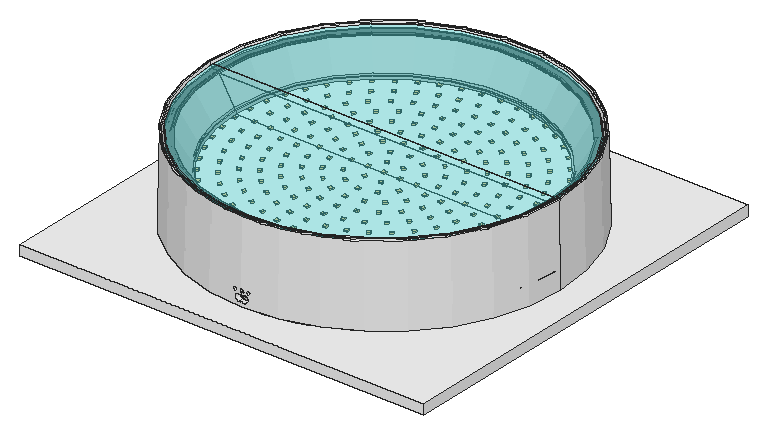
Revit family "BE_24649_de_DE", category Leuchten, Revit 2020 (continued)
Definition of nested family "BE_24649"
  Forms (mm)
    Extrusion 168, solid, material <- "Material_15"
      sketch origin (0, 0, 0) x (0.987689, 0.156429, 0) y (-0.156429, 0.987689, 0)
        loop
          line (-1.6, 113.4) -> (-1.6, 110.6) -> (1.6, 110.6) -> (1.6, 113.4) -> (-1.6, 113.4)
      from 45.014 to 47.244
    Extrusion 169, solid, material <- "Material_15"
      sketch origin (0, 0, 0) x (1, 0, 0) y (0, 1, 0)
        loop
          line (-129.4, -1.6) -> (-126.6, -1.6) -> (-126.6, 1.6) -> (-129.4, 1.6) -> (-129.4, -1.6)
      from 45.014 to 47.314
    Extrusion 170, solid, material <- "Material_15"
      sketch origin (0, 0, 0) x (0.990686, -0.136167, 0) y (0.136167, 0.990686, 0)
        loop
          line (-129.4, -1.6) -> (-126.6, -1.6) -> (-126.6, 1.6) -> (-129.4, 1.6) -> (-129.4, -1.6)
      from 45.014 to 47.314
    Extrusion 171, solid, material <- "Material_15"
      sketch origin (0, 0, 0) x (0.962917, -0.269797, 0) y (0.269797, 0.962917, 0)
        loop
          line (-129.4, -1.6) -> (-126.6, -1.6) -> (-126.6, 1.6) -> (-129.4, 1.6) -> (-129.4, -1.6)
      from 45.014 to 47.314
    Extrusion 172, solid, material <- "Material_15"
      sketch origin (0, 0, 0) x (0.917211, -0.398401, 0) y (0.398401, 0.917211, 0)
        loop
          line (-129.4, -1.6) -> (-126.6, -1.6) -> (-126.6, 1.6) -> (-129.4, 1.6) -> (-129.4, -1.6)
      from 45.014 to 47.314
    Extrusion 173, solid, material <- "Material_15"
      sketch origin (0, 0, 0) x (0.854419, -0.519584, 0) y (0.519584, 0.854419, 0)
        loop
          line (-129.4, -1.6) -> (-126.6, -1.6) -> (-126.6, 1.6) -> (-129.4, 1.6) -> (-129.4, -1.6)
      from 45.014 to 47.314
    Extrusion 174, solid, material <- "Material_15"
      sketch origin (0, 0, 0) x (0.775711, -0.631088, 0) y (0.631088, 0.775711, 0)
        loop
          line (-129.4, -1.6) -> (-126.6, -1.6) -> (-126.6, 1.6) -> (-129.4, 1.6) -> (-129.4, -1.6)
      from 45.014 to 47.314
    Extrusion 175, solid, material <- "Material_15"
      sketch origin (0, 0, 0) x (0.682553, -0.730836, 0) y (0.730836, 0.682553, 0)
        loop
          line (-129.4, -1.6) -> (-126.6, -1.6) -> (-126.6, 1.6) -> (-129.4, 1.6) -> (-129.4, -1.6)
      from 45.014 to 47.314
    Extrusion 176, solid, material <- "Material_15"
      sketch origin (0, 0, 0) x (0.57668, -0.81697, 0) y (0.81697, 0.57668, 0)
        loop
          line (-129.4, -1.6) -> (-126.6, -1.6) -> (-126.6, 1.6) -> (-129.4, 1.6) -> (-129.4, -1.6)
      from 45.014 to 47.314
    Extrusion 177, solid, material <- "Material_15"
      sketch origin (0, 0, 0) x (0.460065, -0.887885, 0) y (0.887885, 0.460065, 0)
        loop
          line (-129.4, -1.6) -> (-126.6, -1.6) -> (-126.6, 1.6) -> (-129.4, 1.6) -> (-129.4, -1.6)
      from 45.014 to 47.314
    Extrusion 178, solid, material <- "Material_15"
      sketch origin (0, 0, 0) x (0.33488, -0.942261, 0) y (0.942261, 0.33488, 0)
        loop
          line (-129.4, -1.6) -> (-126.6, -1.6) -> (-126.6, 1.6) -> (-129.4, 1.6) -> (-129.4, -1.6)
      from 45.014 to 47.314
    Extrusion 179, solid, material <- "Material_15"
      sketch origin (0, 0, 0) x (0.203456, -0.979084, 0) y (0.979084, 0.203456, 0)
        loop
          line (-129.4, -1.6) -> (-126.6, -1.6) -> (-126.6, 1.6) -> (-129.4, 1.6) -> (-129.4, -1.6)
      from 45.014 to 47.314
    Extrusion 180, solid, material <- "Material_15"
      sketch origin (0, 0, 0) x (0.068243, -0.997669, 0) y (0.997669, 0.068243, 0)
        loop
          line (-129.4, -1.6) -> (-126.6, -1.6) -> (-126.6, 1.6) -> (-129.4, 1.6) -> (-129.4, -1.6)
      from 45.014 to 47.314
    Extrusion 181, solid, material <- "Material_15"
      sketch origin (0, 0, 0) x (-0.068242, -0.997669, 0) y (0.997669, -0.068242, 0)
        loop
          line (-129.4, -1.6) -> (-126.6, -1.6) -> (-126.6, 1.6) -> (-129.4, 1.6) -> (-129.4, -1.6)
      from 45.014 to 47.314
    Extrusion 182, solid, material <- "Material_15"
      sketch origin (0, 0, 0) x (-0.203456, -0.979084, 0) y (0.979084, -0.203456, 0)
        loop
          line (-129.4, -1.6) -> (-126.6, -1.6) -> (-126.6, 1.6) -> (-129.4, 1.6) -> (-129.4, -1.6)
      from 45.014 to 47.314
    Extrusion 183, solid, material <- "Material_15"
      sketch origin (0, 0, 0) x (-0.334879, -0.942261, 0) y (0.942261, -0.334879, 0)
        loop
          line (-129.4, -1.6) -> (-126.6, -1.6) -> (-126.6, 1.6) -> (-129.4, 1.6) -> (-129.4, -1.6)
      from 45.014 to 47.314
    Extrusion 184, solid, material <- "Material_15"
      sketch origin (0, 0, 0) x (-0.460065, -0.887885, 0) y (0.887885, -0.460065, 0)
        loop
          line (-129.4, -1.6) -> (-126.6, -1.6) -> (-126.6, 1.6) -> (-129.4, 1.6) -> (-129.4, -1.6)
      from 45.014 to 47.314
    Extrusion 185, solid, material <- "Material_15"
      sketch origin (0, 0, 0) x (-0.57668, -0.81697, 0) y (0.81697, -0.57668, 0)
        loop
          line (-129.4, -1.6) -> (-126.6, -1.6) -> (-126.6, 1.6) -> (-129.4, 1.6) -> (-129.4, -1.6)
      from 45.014 to 47.314
    Extrusion 186, solid, material <- "Material_15"
      sketch origin (0, 0, 0) x (-0.682553, -0.730836, 0) y (0.730836, -0.682553, 0)
        loop
          line (-129.4, -1.6) -> (-126.6, -1.6) -> (-126.6, 1.6) -> (-129.4, 1.6) -> (-129.4, -1.6)
      from 45.014 to 47.314
    Extrusion 187, solid, material <- "Material_15"
      sketch origin (0, 0, 0) x (-0.775711, -0.631088, 0) y (0.631088, -0.775711, 0)
        loop
          line (-129.4, -1.6) -> (-126.6, -1.6) -> (-126.6, 1.6) -> (-129.4, 1.6) -> (-129.4, -1.6)
      from 45.014 to 47.314
    Extrusion 188, solid, material <- "Material_15"
      sketch origin (0, 0, 0) x (-0.854419, -0.519584, 0) y (0.519584, -0.854419, 0)
        loop
          line (-129.4, -1.6) -> (-126.6, -1.6) -> (-126.6, 1.6) -> (-129.4, 1.6) -> (-129.4, -1.6)
      from 45.014 to 47.314
    Extrusion 189, solid, material <- "Material_15"
      sketch origin (0, 0, 0) x (-0.917211, -0.398402, 0) y (0.398402, -0.917211, 0)
        loop
          line (-129.4, -1.6) -> (-126.6, -1.6) -> (-126.6, 1.6) -> (-129.4, 1.6) -> (-129.4, -1.6)
      from 45.014 to 47.314
    Extrusion 190, solid, material <- "Material_15"
      sketch origin (0, 0, 0) x (-0.962917, -0.269797, 0) y (0.269797, -0.962917, 0)
        loop
          line (-129.4, -1.6) -> (-126.6, -1.6) -> (-126.6, 1.6) -> (-129.4, 1.6) -> (-129.4, -1.6)
      from 45.014 to 47.314
    Extrusion 191, solid, material <- "Material_15"
      sketch origin (0, 0, 0) x (-0.990686, -0.136167, 0) y (0.136167, -0.990686, 0)
        loop
          line (-129.4, -1.6) -> (-126.6, -1.6) -> (-126.6, 1.6) -> (-129.4, 1.6) -> (-129.4, -1.6)
      from 45.014 to 47.314
    Extrusion 192, solid, material <- "Material_15"
      sketch origin (0, 0, 0) x (-1, -0.000001, 0) y (0.000001, -1, 0)
        loop
          line (-129.4, -1.6) -> (-126.6, -1.6) -> (-126.6, 1.6) -> (-129.4, 1.6) -> (-129.4, -1.6)
      from 45.014 to 47.314
    Extrusion 193, solid, material <- "Material_15"
      sketch origin (0, 0, 0) x (-0.990686, 0.136166, 0) y (-0.136166, -0.990686, 0)
        loop
          line (-129.4, -1.6) -> (-126.6, -1.6) -> (-126.6, 1.6) -> (-129.4, 1.6) -> (-129.4, -1.6)
      from 45.014 to 47.314
    Extrusion 194, solid, material <- "Material_15"
      sketch origin (0, 0, 0) x (-0.962917, 0.269796, 0) y (-0.269796, -0.962917, 0)
        loop
          line (-129.4, -1.6) -> (-126.6, -1.6) -> (-126.6, 1.6) -> (-129.4, 1.6) -> (-129.4, -1.6)
      from 45.014 to 47.314
    Extrusion 195, solid, material <- "Material_15"
      sketch origin (0, 0, 0) x (-0.917212, 0.3984, 0) y (-0.3984, -0.917212, 0)
        loop
          line (-129.4, -1.6) -> (-126.6, -1.6) -> (-126.6, 1.6) -> (-129.4, 1.6) -> (-129.4, -1.6)
      from 45.014 to 47.314
    Extrusion 196, solid, material <- "Material_15"
      sketch origin (0, 0, 0) x (-0.85442, 0.519583, 0) y (-0.519583, -0.85442, 0)
        loop
          line (-129.4, -1.6) -> (-126.6, -1.6) -> (-126.6, 1.6) -> (-129.4, 1.6) -> (-129.4, -1.6)
      from 45.014 to 47.314
    Extrusion 197, solid, material <- "Material_15"
      sketch origin (0, 0, 0) x (-0.775712, 0.631087, 0) y (-0.631087, -0.775712, 0)
        loop
          line (-129.4, -1.6) -> (-126.6, -1.6) -> (-126.6, 1.6) -> (-129.4, 1.6) -> (-129.4, -1.6)
      from 45.014 to 47.314
    Extrusion 198, solid, material <- "Material_15"
      sketch origin (0, 0, 0) x (-0.682554, 0.730835, 0) y (-0.730835, -0.682554, 0)
        loop
          line (-129.4, -1.6) -> (-126.6, -1.6) -> (-126.6, 1.6) -> (-129.4, 1.6) -> (-129.4, -1.6)
      from 45.014 to 47.314
    Extrusion 199, solid, material <- "Material_15"
      sketch origin (0, 0, 0) x (-0.576681, 0.816969, 0) y (-0.816969, -0.576681, 0)
        loop
          line (-129.4, -1.6) -> (-126.6, -1.6) -> (-126.6, 1.6) -> (-129.4, 1.6) -> (-129.4, -1.6)
      from 45.014 to 47.314
    Extrusion 200, solid, material <- "Material_15"
      sketch origin (0, 0, 0) x (-0.460066, 0.887885, 0) y (-0.887885, -0.460066, 0)
        loop
          line (-129.4, -1.6) -> (-126.6, -1.6) -> (-126.6, 1.6) -> (-129.4, 1.6) -> (-129.4, -1.6)
      from 45.014 to 47.314
    Extrusion 201, solid, material <- "Material_15"
      sketch origin (0, 0, 0) x (-0.33488, 0.942261, 0) y (-0.942261, -0.33488, 0)
        loop
          line (-129.4, -1.6) -> (-126.6, -1.6) -> (-126.6, 1.6) -> (-129.4, 1.6) -> (-129.4, -1.6)
      from 45.014 to 47.314
    Extrusion 202, solid, material <- "Material_15"
      sketch origin (0, 0, 0) x (-0.203457, 0.979084, 0) y (-0.979084, -0.203457, 0)
        loop
          line (-129.4, -1.6) -> (-126.6, -1.6) -> (-126.6, 1.6) -> (-129.4, 1.6) -> (-129.4, -1.6)
      from 45.014 to 47.314
    Extrusion 203, solid, material <- "Material_15"
      sketch origin (0, 0, 0) x (-0.068243, 0.997669, 0) y (-0.997669, -0.068243, 0)
        loop
          line (-129.4, -1.6) -> (-126.6, -1.6) -> (-126.6, 1.6) -> (-129.4, 1.6) -> (-129.4, -1.6)
      from 45.014 to 47.314
    Extrusion 204, solid, material <- "Material_15"
      sketch origin (0, 0, 0) x (0.068242, 0.997669, 0) y (-0.997669, 0.068242, 0)
        loop
          line (-129.4, -1.6) -> (-126.6, -1.6) -> (-126.6, 1.6) -> (-129.4, 1.6) -> (-129.4, -1.6)
      from 45.014 to 47.314
    Extrusion 205, solid, material <- "Material_15"
      sketch origin (0, 0, 0) x (0.203455, 0.979084, 0) y (-0.979084, 0.203455, 0)
        loop
          line (-129.4, -1.6) -> (-126.6, -1.6) -> (-126.6, 1.6) -> (-129.4, 1.6) -> (-129.4, -1.6)
      from 45.014 to 47.314
    Extrusion 206, solid, material <- "Material_15"
      sketch origin (0, 0, 0) x (0.334879, 0.942261, 0) y (-0.942261, 0.334879, 0)
        loop
          line (-129.4, -1.6) -> (-126.6, -1.6) -> (-126.6, 1.6) -> (-129.4, 1.6) -> (-129.4, -1.6)
      from 45.014 to 47.314
    Extrusion 207, solid, material <- "Material_15"
      sketch origin (0, 0, 0) x (0.460064, 0.887886, 0) y (-0.887886, 0.460064, 0)
        loop
          line (-129.4, -1.6) -> (-126.6, -1.6) -> (-126.6, 1.6) -> (-129.4, 1.6) -> (-129.4, -1.6)
      from 45.014 to 47.314
    Extrusion 208, solid, material <- "Material_15"
      sketch origin (0, 0, 0) x (0.57668, 0.81697, 0) y (-0.81697, 0.57668, 0)
        loop
          line (-129.4, -1.6) -> (-126.6, -1.6) -> (-126.6, 1.6) -> (-129.4, 1.6) -> (-129.4, -1.6)
      from 45.014 to 47.314
    Extrusion 209, solid, material <- "Material_15"
      sketch origin (0, 0, 0) x (0.682552, 0.730837, 0) y (-0.730837, 0.682552, 0)
        loop
          line (-129.4, -1.6) -> (-126.6, -1.6) -> (-126.6, 1.6) -> (-129.4, 1.6) -> (-129.4, -1.6)
      from 45.014 to 47.314
    Extrusion 210, solid, material <- "Material_15"
      sketch origin (0, 0, 0) x (0.775711, 0.631089, 0) y (-0.631089, 0.775711, 0)
        loop
          line (-129.4, -1.6) -> (-126.6, -1.6) -> (-126.6, 1.6) -> (-129.4, 1.6) -> (-129.4, -1.6)
      from 45.014 to 47.314
    Extrusion 211, solid, material <- "Material_15"
      sketch origin (0, 0, 0) x (0.854419, 0.519585, 0) y (-0.519585, 0.854419, 0)
        loop
          line (-129.4, -1.6) -> (-126.6, -1.6) -> (-126.6, 1.6) -> (-129.4, 1.6) -> (-129.4, -1.6)
      from 45.014 to 47.314
    Extrusion 212, solid, material <- "Material_15"
      sketch origin (0, 0, 0) x (0.917211, 0.398402, 0) y (-0.398402, 0.917211, 0)
        loop
          line (-129.4, -1.6) -> (-126.6, -1.6) -> (-126.6, 1.6) -> (-129.4, 1.6) -> (-129.4, -1.6)
      from 45.014 to 47.314
    Extrusion 213, solid, material <- "Material_15"
      sketch origin (0, 0, 0) x (0.962917, 0.269798, 0) y (-0.269798, 0.962917, 0)
        loop
          line (-129.4, -1.6) -> (-126.6, -1.6) -> (-126.6, 1.6) -> (-129.4, 1.6) -> (-129.4, -1.6)
      from 45.014 to 47.314
    Extrusion 214, solid, material <- "Material_15"
      sketch origin (0, 0, 0) x (0.990686, 0.136168, 0) y (-0.136168, 0.990686, 0)
        loop
          line (-129.4, -1.6) -> (-126.6, -1.6) -> (-126.6, 1.6) -> (-129.4, 1.6) -> (-129.4, -1.6)
      from 45.014 to 47.314
    Extrusion 215, solid, material <- "Material_15"
      sketch origin (0, 0, 0) x (1, 0, 0) y (0, 1, 0)
        loop
          line (-1.6, 145.4) -> (-1.6, 142.6) -> (1.6, 142.6) -> (1.6, 145.4) -> (-1.6, 145.4)
      from 45.014 to 47.314
    Extrusion 216, solid, material <- "Material_15"
      sketch origin (0, 0, 0) x (0.992421, -0.122888, 0) y (0.122888, 0.992421, 0)
        loop
          line (-1.6, 145.4) -> (-1.6, 142.6) -> (1.6, 142.6) -> (1.6, 145.4) -> (-1.6, 145.4)
      from 45.014 to 47.314
    Extrusion 217, solid, material <- "Material_15"
      sketch origin (0, 0, 0) x (0.969797, -0.243914, 0) y (0.243914, 0.969797, 0)
        loop
          line (-1.6, 145.4) -> (-1.6, 142.6) -> (1.6, 142.6) -> (1.6, 145.4) -> (-1.6, 145.4)
      from 45.014 to 47.314
    Extrusion 218, solid, material <- "Material_15"
      sketch origin (0, 0, 0) x (0.932472, -0.361242, 0) y (0.361242, 0.932472, 0)
        loop
          line (-1.6, 145.4) -> (-1.6, 142.6) -> (1.6, 142.6) -> (1.6, 145.4) -> (-1.6, 145.4)
      from 45.014 to 47.314
    Extrusion 219, solid, material <- "Material_15"
      sketch origin (0, 0, 0) x (0.881012, -0.473093, 0) y (0.473093, 0.881012, 0)
        loop
          line (-1.6, 145.4) -> (-1.6, 142.6) -> (1.6, 142.6) -> (1.6, 145.4) -> (-1.6, 145.4)
      from 45.014 to 47.314
    Extrusion 220, solid, material <- "Material_15"
      sketch origin (0, 0, 0) x (0.816197, -0.577774, 0) y (0.577774, 0.816197, 0)
        loop
          line (-1.6, 145.4) -> (-1.6, 142.6) -> (1.6, 142.6) -> (1.6, 145.4) -> (-1.6, 145.4)
      from 45.014 to 47.314
    Extrusion 221, solid, material <- "Material_15"
      sketch origin (0, 0, 0) x (0.739009, -0.673695, 0) y (0.673695, 0.739009, 0)
        loop
          line (-1.6, 145.4) -> (-1.6, 142.6) -> (1.6, 142.6) -> (1.6, 145.4) -> (-1.6, 145.4)
      from 45.014 to 47.314
    Extrusion 222, solid, material <- "Material_15"
      sketch origin (0, 0, 0) x (0.650619, -0.759405, 0) y (0.759405, 0.650619, 0)
        loop
          line (-1.6, 145.4) -> (-1.6, 142.6) -> (1.6, 142.6) -> (1.6, 145.4) -> (-1.6, 145.4)
      from 45.014 to 47.314
    Extrusion 223, solid, material <- "Material_15"
      sketch origin (0, 0, 0) x (0.552365, -0.833602, 0) y (0.833602, 0.552365, 0)
        loop
          line (-1.6, 145.4) -> (-1.6, 142.6) -> (1.6, 142.6) -> (1.6, 145.4) -> (-1.6, 145.4)
      from 45.014 to 47.314
    Extrusion 224, solid, material <- "Material_15"
      sketch origin (0, 0, 0) x (0.445739, -0.895163, 0) y (0.895163, 0.445739, 0)
        loop
          line (-1.6, 145.4) -> (-1.6, 142.6) -> (1.6, 142.6) -> (1.6, 145.4) -> (-1.6, 145.4)
      from 45.014 to 47.314
    Extrusion 225, solid, material <- "Material_15"
      sketch origin (0, 0, 0) x (0.332355, -0.943154, 0) y (0.943154, 0.332355, 0)
        loop
          line (-1.6, 145.4) -> (-1.6, 142.6) -> (1.6, 142.6) -> (1.6, 145.4) -> (-1.6, 145.4)
      from 45.014 to 47.314
    Extrusion 226, solid, material <- "Material_15"
      sketch origin (0, 0, 0) x (0.213934, -0.976848, 0) y (0.976848, 0.213934, 0)
        loop
          line (-1.6, 145.4) -> (-1.6, 142.6) -> (1.6, 142.6) -> (1.6, 145.4) -> (-1.6, 145.4)
      from 45.014 to 47.314
    Extrusion 227, solid, material <- "Material_15"
      sketch origin (0, 0, 0) x (0.092269, -0.995734, 0) y (0.995734, 0.092269, 0)
        loop
          line (-1.6, 145.4) -> (-1.6, 142.6) -> (1.6, 142.6) -> (1.6, 145.4) -> (-1.6, 145.4)
      from 45.014 to 47.314
    Extrusion 228, solid, material <- "Material_15"
      sketch origin (0, 0, 0) x (-0.030794, -0.999526, 0) y (0.999526, -0.030794, 0)
        loop
          line (-1.6, 145.4) -> (-1.6, 142.6) -> (1.6, 142.6) -> (1.6, 145.4) -> (-1.6, 145.4)
      from 45.014 to 47.314
    Extrusion 229, solid, material <- "Material_15"
      sketch origin (0, 0, 0) x (-0.153391, -0.988166, 0) y (0.988166, -0.153391, 0)
        loop
          line (-1.6, 145.4) -> (-1.6, 142.6) -> (1.6, 142.6) -> (1.6, 145.4) -> (-1.6, 145.4)
      from 45.014 to 47.314
    Extrusion 230, solid, material <- "Material_15"
      sketch origin (0, 0, 0) x (-0.273662, -0.961826, 0) y (0.961826, -0.273662, 0)
        loop
          line (-1.6, 145.4) -> (-1.6, 142.6) -> (1.6, 142.6) -> (1.6, 145.4) -> (-1.6, 145.4)
      from 45.014 to 47.314
    Extrusion 231, solid, material <- "Material_15"
      sketch origin (0, 0, 0) x (-0.389785, -0.920906, 0) y (0.920906, -0.389785, 0)
        loop
          line (-1.6, 145.4) -> (-1.6, 142.6) -> (1.6, 142.6) -> (1.6, 145.4) -> (-1.6, 145.4)
      from 45.014 to 47.314
    Extrusion 232, solid, material <- "Material_15"
      sketch origin (0, 0, 0) x (-0.499999, -0.866026, 0) y (0.866026, -0.499999, 0)
        loop
          line (-1.6, 145.4) -> (-1.6, 142.6) -> (1.6, 142.6) -> (1.6, 145.4) -> (-1.6, 145.4)
      from 45.014 to 47.314
    Extrusion 233, solid, material <- "Material_15"
      sketch origin (0, 0, 0) x (-0.602634, -0.798018, 0) y (0.798018, -0.602634, 0)
        loop
          line (-1.6, 145.4) -> (-1.6, 142.6) -> (1.6, 142.6) -> (1.6, 145.4) -> (-1.6, 145.4)
      from 45.014 to 47.314
    Extrusion 234, solid, material <- "Material_15"
      sketch origin (0, 0, 0) x (-0.696133, -0.717913, 0) y (0.717913, -0.696133, 0)
        loop
          line (-1.6, 145.4) -> (-1.6, 142.6) -> (1.6, 142.6) -> (1.6, 145.4) -> (-1.6, 145.4)
      from 45.014 to 47.314
    Extrusion 235, solid, material <- "Material_15"
      sketch origin (0, 0, 0) x (-0.77908, -0.626924, 0) y (0.626924, -0.77908, 0)
        loop
          line (-1.6, 145.4) -> (-1.6, 142.6) -> (1.6, 142.6) -> (1.6, 145.4) -> (-1.6, 145.4)
      from 45.014 to 47.314
    Extrusion 236, solid, material <- "Material_15"
      sketch origin (0, 0, 0) x (-0.850217, -0.526433, 0) y (0.526433, -0.850217, 0)
        loop
          line (-1.6, 145.4) -> (-1.6, 142.6) -> (1.6, 142.6) -> (1.6, 145.4) -> (-1.6, 145.4)
      from 45.014 to 47.314
    Extrusion 237, solid, material <- "Material_15"
      sketch origin (0, 0, 0) x (-0.908465, -0.417961, 0) y (0.417961, -0.908465, 0)
        loop
          line (-1.6, 145.4) -> (-1.6, 142.6) -> (1.6, 142.6) -> (1.6, 145.4) -> (-1.6, 145.4)
      from 45.014 to 47.314
    Extrusion 238, solid, material <- "Material_15"
      sketch origin (0, 0, 0) x (-0.952942, -0.303154, 0) y (0.303154, -0.952942, 0)
        loop
          line (-1.6, 145.4) -> (-1.6, 142.6) -> (1.6, 142.6) -> (1.6, 145.4) -> (-1.6, 145.4)
      from 45.014 to 47.314
    Extrusion 239, solid, material <- "Material_15"
      sketch origin (0, 0, 0) x (-0.982973, -0.183751, 0) y (0.183751, -0.982973, 0)
        loop
          line (-1.6, 145.4) -> (-1.6, 142.6) -> (1.6, 142.6) -> (1.6, 145.4) -> (-1.6, 145.4)
      from 45.014 to 47.314
    Extrusion 240, solid, material <- "Material_15"
      sketch origin (0, 0, 0) x (-0.998103, -0.061562, 0) y (0.061562, -0.998103, 0)
        loop
          line (-1.6, 145.4) -> (-1.6, 142.6) -> (1.6, 142.6) -> (1.6, 145.4) -> (-1.6, 145.4)
      from 45.014 to 47.314
    Extrusion 241, solid, material <- "Material_15"
      sketch origin (0, 0, 0) x (-0.998103, 0.06156, 0) y (-0.06156, -0.998103, 0)
        loop
          line (-1.6, 145.4) -> (-1.6, 142.6) -> (1.6, 142.6) -> (1.6, 145.4) -> (-1.6, 145.4)
      from 45.014 to 47.314
    Extrusion 242, solid, material <- "Material_15"
      sketch origin (0, 0, 0) x (-0.982973, 0.183748, 0) y (-0.183748, -0.982973, 0)
        loop
          line (-1.6, 145.4) -> (-1.6, 142.6) -> (1.6, 142.6) -> (1.6, 145.4) -> (-1.6, 145.4)
      from 45.014 to 47.314
    Extrusion 243, solid, material <- "Material_15"
      sketch origin (0, 0, 0) x (-0.952942, 0.303152, 0) y (-0.303152, -0.952942, 0)
        loop
          line (-1.6, 145.4) -> (-1.6, 142.6) -> (1.6, 142.6) -> (1.6, 145.4) -> (-1.6, 145.4)
      from 45.014 to 47.314
    Extrusion 244, solid, material <- "Material_15"
      sketch origin (0, 0, 0) x (-0.908466, 0.417959, 0) y (-0.417959, -0.908466, 0)
        loop
          line (-1.6, 145.4) -> (-1.6, 142.6) -> (1.6, 142.6) -> (1.6, 145.4) -> (-1.6, 145.4)
      from 45.014 to 47.314
    Extrusion 245, solid, material <- "Material_15"
      sketch origin (0, 0, 0) x (-0.850218, 0.526431, 0) y (-0.526431, -0.850218, 0)
        loop
          line (-1.6, 145.4) -> (-1.6, 142.6) -> (1.6, 142.6) -> (1.6, 145.4) -> (-1.6, 145.4)
      from 45.014 to 47.314
    Extrusion 246, solid, material <- "Material_15"
      sketch origin (0, 0, 0) x (-0.779081, 0.626923, 0) y (-0.626923, -0.779081, 0)
        loop
          line (-1.6, 145.4) -> (-1.6, 142.6) -> (1.6, 142.6) -> (1.6, 145.4) -> (-1.6, 145.4)
      from 45.014 to 47.314
    Extrusion 247, solid, material <- "Material_15"
      sketch origin (0, 0, 0) x (-0.696135, 0.717911, 0) y (-0.717911, -0.696135, 0)
        loop
          line (-1.6, 145.4) -> (-1.6, 142.6) -> (1.6, 142.6) -> (1.6, 145.4) -> (-1.6, 145.4)
      from 45.014 to 47.314
    Extrusion 248, solid, material <- "Material_15"
      sketch origin (0, 0, 0) x (-0.602636, 0.798016, 0) y (-0.798016, -0.602636, 0)
        loop
          line (-1.6, 145.4) -> (-1.6, 142.6) -> (1.6, 142.6) -> (1.6, 145.4) -> (-1.6, 145.4)
      from 45.014 to 47.314
    Extrusion 249, solid, material <- "Material_15"
      sketch origin (0, 0, 0) x (-0.500001, 0.866025, 0) y (-0.866025, -0.500001, 0)
        loop
          line (-1.6, 145.4) -> (-1.6, 142.6) -> (1.6, 142.6) -> (1.6, 145.4) -> (-1.6, 145.4)
      from 45.014 to 47.314
    Extrusion 250, solid, material <- "Material_15"
      sketch origin (0, 0, 0) x (-0.389787, 0.920905, 0) y (-0.920905, -0.389787, 0)
        loop
          line (-1.6, 145.4) -> (-1.6, 142.6) -> (1.6, 142.6) -> (1.6, 145.4) -> (-1.6, 145.4)
      from 45.014 to 47.314
    Extrusion 251, solid, material <- "Material_15"
      sketch origin (0, 0, 0) x (-0.273665, 0.961825, 0) y (-0.961825, -0.273665, 0)
        loop
          line (-1.6, 145.4) -> (-1.6, 142.6) -> (1.6, 142.6) -> (1.6, 145.4) -> (-1.6, 145.4)
      from 45.014 to 47.314
    Extrusion 252, solid, material <- "Material_15"
      sketch origin (0, 0, 0) x (-0.153393, 0.988165, 0) y (-0.988165, -0.153393, 0)
        loop
          line (-1.6, 145.4) -> (-1.6, 142.6) -> (1.6, 142.6) -> (1.6, 145.4) -> (-1.6, 145.4)
      from 45.014 to 47.314
    Extrusion 253, solid, material <- "Material_15"
      sketch origin (0, 0, 0) x (-0.030797, 0.999526, 0) y (-0.999526, -0.030797, 0)
        loop
          line (-1.6, 145.4) -> (-1.6, 142.6) -> (1.6, 142.6) -> (1.6, 145.4) -> (-1.6, 145.4)
      from 45.014 to 47.314
    Extrusion 254, solid, material <- "Material_15"
      sketch origin (0, 0, 0) x (0.092267, 0.995734, 0) y (-0.995734, 0.092267, 0)
        loop
          line (-1.6, 145.4) -> (-1.6, 142.6) -> (1.6, 142.6) -> (1.6, 145.4) -> (-1.6, 145.4)
      from 45.014 to 47.314
    Extrusion 255, solid, material <- "Material_15"
      sketch origin (0, 0, 0) x (0.213931, 0.976849, 0) y (-0.976849, 0.213931, 0)
        loop
          line (-1.6, 145.4) -> (-1.6, 142.6) -> (1.6, 142.6) -> (1.6, 145.4) -> (-1.6, 145.4)
      from 45.014 to 47.314
    Extrusion 256, solid, material <- "Material_15"
      sketch origin (0, 0, 0) x (0.332353, 0.943155, 0) y (-0.943155, 0.332353, 0)
        loop
          line (-1.6, 145.4) -> (-1.6, 142.6) -> (1.6, 142.6) -> (1.6, 145.4) -> (-1.6, 145.4)
      from 45.014 to 47.314
    Extrusion 257, solid, material <- "Material_15"
      sketch origin (0, 0, 0) x (0.445737, 0.895164, 0) y (-0.895164, 0.445737, 0)
        loop
          line (-1.6, 145.4) -> (-1.6, 142.6) -> (1.6, 142.6) -> (1.6, 145.4) -> (-1.6, 145.4)
      from 45.014 to 47.314
    Extrusion 258, solid, material <- "Material_15"
      sketch origin (0, 0, 0) x (0.552363, 0.833603, 0) y (-0.833603, 0.552363, 0)
        loop
          line (-1.6, 145.4) -> (-1.6, 142.6) -> (1.6, 142.6) -> (1.6, 145.4) -> (-1.6, 145.4)
      from 45.014 to 47.314
    Extrusion 259, solid, material <- "Material_15"
      sketch origin (0, 0, 0) x (0.650617, 0.759406, 0) y (-0.759406, 0.650617, 0)
        loop
          line (-1.6, 145.4) -> (-1.6, 142.6) -> (1.6, 142.6) -> (1.6, 145.4) -> (-1.6, 145.4)
      from 45.014 to 47.314
    Extrusion 260, solid, material <- "Material_15"
      sketch origin (0, 0, 0) x (0.739008, 0.673697, 0) y (-0.673697, 0.739008, 0)
        loop
          line (-1.6, 145.4) -> (-1.6, 142.6) -> (1.6, 142.6) -> (1.6, 145.4) -> (-1.6, 145.4)
      from 45.014 to 47.314
    Extrusion 261, solid, material <- "Material_15"
      sketch origin (0, 0, 0) x (0.816196, 0.577775, 0) y (-0.577775, 0.816196, 0)
        loop
          line (-1.6, 145.4) -> (-1.6, 142.6) -> (1.6, 142.6) -> (1.6, 145.4) -> (-1.6, 145.4)
      from 45.014 to 47.314
    Extrusion 262, solid, material <- "Material_15"
      sketch origin (0, 0, 0) x (0.881011, 0.473095, 0) y (-0.473095, 0.881011, 0)
        loop
          line (-1.6, 145.4) -> (-1.6, 142.6) -> (1.6, 142.6) -> (1.6, 145.4) -> (-1.6, 145.4)
      from 45.014 to 47.314
    Extrusion 263, solid, material <- "Material_15"
      sketch origin (0, 0, 0) x (0.932471, 0.361244, 0) y (-0.361244, 0.932471, 0)
        loop
          line (-1.6, 145.4) -> (-1.6, 142.6) -> (1.6, 142.6) -> (1.6, 145.4) -> (-1.6, 145.4)
      from 45.014 to 47.314
    Extrusion 264, solid, material <- "Material_15"
      sketch origin (0, 0, 0) x (0.969796, 0.243916, 0) y (-0.243916, 0.969796, 0)
        loop
          line (-1.6, 145.4) -> (-1.6, 142.6) -> (1.6, 142.6) -> (1.6, 145.4) -> (-1.6, 145.4)
      from 45.014 to 47.314
    Extrusion 265, solid, material <- "Material_15"
      sketch origin (0, 0, 0) x (0.99242, 0.12289, 0) y (-0.12289, 0.99242, 0)
        loop
          line (-1.6, 145.4) -> (-1.6, 142.6) -> (1.6, 142.6) -> (1.6, 145.4) -> (-1.6, 145.4)
      from 45.014 to 47.314
    Revolve 266, solid, material <- "Material_03", visible <- "M_W"
      sketch origin (0, 0, 0) x (1, 0, 0) y (0, 0, 1)
        loop
          line (-174.009, 83.61) -> (-175.396, 4.114) -> (-171.537, 4.114)
          arc (-171.537, 4.114) -> (-171.168, 4.263) -> (-171.006, 4.627) r 0.532
          line (-171.006, 4.627) -> (-170.5, 19.114) -> (-170.5, 20.614) -> (-169.25, 20.614)
          arc (-169.25, 20.614) -> (-168.896, 20.76) -> (-168.75, 21.114) r 0.5
          line (-168.75, 21.114) -> (-168.75, 22.614) -> (-168.5, 30.811) -> (-168.5, 76.914) -> (-165.2, 76.914) -> (-165.259, 78.614) -> (-170.5, 78.614) -> (-170.539, 79.72) -> (-171.981, 83.683)
          arc (-171.981, 83.683) -> (-172.221, 83.996) -> (-172.596, 84.114) r 0.654
          line (-172.596, 84.114) -> (-173.496, 84.114)
          arc (-173.496, 84.114) -> (-173.856, 83.967) -> (-174.009, 83.61) r 0.513
        axis (0, 84.114) -> (0, 4.114)
      angle from 0 to 360
    Revolve 267, solid, material <- "Material_03", visible <- "M_W"
      sketch origin (0, 0, 0) x (1, 0, 0) y (0, 0, 1)
        loop
          line (-169.587, 1) -> (-167.551, 1)
          arc (-167.551, 1) -> (-166.857, 1.28) -> (-166.552, 1.963) r 1
          line (-166.552, 1.963) -> (-166.479, 4.036)
          arc (-166.479, 4.036) -> (-166.174, 4.72) -> (-165.48, 5) r 1
          line (-165.48, 5) -> (0, 5) -> (0, 8) -> (-160.237, 8)
          arc (-160.237, 8) -> (-160.931, 8.28) -> (-161.236, 8.964) r 1
          line (-161.236, 8.964) -> (-161.527, 17.289)
          arc (-161.527, 17.289) -> (-161.673, 17.775) -> (-162.039, 18.127) r 1
          arc (-162.039, 18.127) -> (-162.405, 18.478) -> (-162.551, 18.963) r 1
          line (-162.551, 18.963) -> (-162.693, 23.034)
          arc (-162.693, 23.034) -> (-162.998, 23.719) -> (-163.693, 24) r 1
          line (-163.693, 24) -> (-165.807, 24)
          arc (-165.807, 24) -> (-166.684, 23.481) -> (-166.651, 22.463) r 1
          arc (-166.651, 22.463) -> (-164.359, 19.525) -> (-167.1, 17) r 2.75
          line (-167.1, 17) -> (-169.029, 17) -> (-169.587, 1)
        axis (0, 24) -> (0, 1)
      angle from 0 to 360
    Extrusion 268, solid, material <- "Material_03", visible <- "M_W"
      sketch origin (0, 0, 0) x (1, 0, 0) y (0, 1, 0)
        loop
          circle (-155, 0) r 7.009
        loop
          circle (155, 0) r 7.009
      from 0 to 5
  Cuts and joins
    Extrusion 10 cuts Revolve 3
    Extrusion 10 cuts Revolve 5
    Extrusion 10 cuts Revolve 6
    Extrusion 10 cuts Extrusion 9
    Revolve 11, Revolve 12, Revolve 13, Extrusion 14, Extrusion 16 cuts Revolve 2
    Extrusion 14, Extrusion 16, Extrusion 17 cuts Revolve 4
    Extrusion 16 cuts Extrusion 15
    Revolve 11, Revolve 12, Revolve 13, Extrusion 14 cuts Revolve 266
    Extrusion 17 cuts Revolve 267
    Extrusion 10 cuts Extrusion 268
  Dimensions and locks
    equal spacing: Extrusion 1 sketch curve, plane 3 "Mitte (Links/Rechts)", Extrusion 1 sketch curve
    equal spacing: Extrusion 1 sketch curve, plane 1 "Mitte (Oben/Unten)", Extrusion 1 sketch curve
    "Länge_Platte": Extrusion 1 sketch curve to Extrusion 1 sketch curve
    "Breite_Platte": Extrusion 1 sketch curve to Extrusion 1 sketch curve
    aligned and locked: Extrusion 1 to plane 2
    aligned and locked: level to Extrusion 1
  Automatic sketch dimensions
    Revolve 2 sketch curve to plane 3 "Mitte (Links/Rechts)" = 0 mm
    level to Revolve 2 sketch curve = 76.914 mm
    Revolve 2 sketch curve to plane 3 "Mitte (Links/Rechts)" = 165.2 mm
    Revolve 2 sketch curve to Revolve 2 sketch curve = 0.059 mm
    Revolve 2 sketch curve to Revolve 2 sketch curve = 3.3 mm
    level to Revolve 2 sketch curve = 22.614 mm
    Revolve 2 sketch curve to Revolve 2 sketch curve = 0.25 mm
    Revolve 2 sketch curve to Revolve 2 sketch curve = 0.5 mm
    level to Revolve 2 sketch curve = 19.114 mm
    Revolve 2 sketch curve to Revolve 2 sketch curve = 1.25 mm
    level to Revolve 2 sketch curve = 78.614 mm
    Revolve 2 sketch curve to Revolve 2 sketch curve = 2 mm
    level to Revolve 2 sketch curve = 79.72 mm
    Revolve 2 sketch curve to Revolve 2 sketch curve = 0.039 mm
    level to Revolve 2 sketch curve = 4.627 mm
    Revolve 2 sketch curve to Revolve 2 sketch curve = 0.506 mm
    Revolve 2 sketch curve to Revolve 2 sketch curve = 0.531 mm
    level to Revolve 2 sketch curve = 83.683 mm
    Revolve 2 sketch curve to Revolve 2 sketch curve = 1.443 mm
    Revolve 2 sketch curve to Revolve 2 sketch curve = 0.615 mm
    Revolve 2 sketch curve to Revolve 2 sketch curve = 0.9 mm
    level to Revolve 2 sketch curve = 83.61 mm
    Revolve 2 sketch curve to Revolve 2 sketch curve = 0.513 mm  (x2)
    Revolve 2 sketch curve to Revolve 2 sketch curve = 3.859 mm
    Revolve 2 sketch curve to Revolve 2 sketch curve = 1.5 mm
    Revolve 2 sketch curve to Revolve 2 sketch curve = 8.197 mm
    Revolve 2 sketch curve to Revolve 2 sketch curve = 0.224 mm
    Revolve 2 sketch curve to level = 413.745 mm
    Revolve 2 sketch curve to Revolve 2 sketch curve = 700.754 mm
    Revolve 3 sketch curve to plane 3 "Mitte (Links/Rechts)" = 0 mm  (x2)
    level to Revolve 3 sketch curve = 79.114 mm
    Revolve 3 sketch curve to plane 3 "Mitte (Links/Rechts)" = 164.5 mm
    level to Revolve 3 sketch curve = 83.124 mm
    Revolve 3 sketch curve to Revolve 3 sketch curve = 4.908 mm
    Revolve 3 sketch curve to Revolve 3 sketch curve = 0.592 mm  (x2)
    Revolve 3 sketch curve to Revolve 3 sketch curve = 6.027 mm
    Revolve 3 sketch curve to level = 413.745 mm
    Revolve 3 sketch curve to Revolve 3 sketch curve = 701.744 mm
    Revolve 4 sketch curve to plane 3 "Mitte (Links/Rechts)" = 0 mm  (x2)
    level to Revolve 4 sketch curve = 9 mm
    Revolve 4 sketch curve to plane 3 "Mitte (Links/Rechts)" = 160.237 mm
    level to Revolve 4 sketch curve = 8.964 mm
    Revolve 4 sketch curve to Revolve 4 sketch curve = 0.999 mm  (x6)
    level to Revolve 4 sketch curve = 17.289 mm
    Revolve 4 sketch curve to Revolve 4 sketch curve = 0.291 mm
    Revolve 4 sketch curve to Revolve 4 sketch curve = 0.025 mm
    level to Revolve 4 sketch curve = 18.963 mm
    level to Revolve 4 sketch curve = 23.034 mm
    Revolve 4 sketch curve to Revolve 4 sketch curve = 0.142 mm
    level to Revolve 4 sketch curve = 4 mm
    Revolve 4 sketch curve to Revolve 4 sketch curve = 4.244 mm
    Revolve 4 sketch curve to Revolve 4 sketch curve = 2.115 mm
    level to Revolve 4 sketch curve = 4.036 mm
    level to Revolve 4 sketch curve = 1.963 mm
    Revolve 4 sketch curve to Revolve 4 sketch curve = 0.072 mm
    Revolve 4 sketch curve to Revolve 4 sketch curve = 4.574 mm
    level to Revolve 4 sketch curve = 1 mm
    level to Revolve 4 sketch curve = 17 mm
    Revolve 4 sketch curve to Revolve 4 sketch curve = 1.929 mm
    Revolve 4 sketch curve to Revolve 4 sketch curve = 2.036 mm
    Revolve 4 sketch curve to Revolve 4 sketch curve = 0.036 mm
    Revolve 4 sketch curve to Revolve 4 sketch curve = 0.037 mm
    Revolve 4 sketch curve to Revolve 4 sketch curve = 2.75 mm
    Revolve 4 sketch curve to Revolve 4 sketch curve = 0.034 mm
    Revolve 4 sketch curve to Revolve 4 sketch curve = 1 mm
    Revolve 4 sketch curve to Revolve 4 sketch curve = 0.512 mm
    Revolve 4 sketch curve to Revolve 4 sketch curve = 0 mm
    Revolve 4 sketch curve to level = 413.745 mm
    Revolve 4 sketch curve to Revolve 4 sketch curve = 776.868 mm
    Revolve 5 sketch curve to plane 3 "Mitte (Links/Rechts)" = 0 mm
    level to Revolve 5 sketch curve = 47.314 mm
    Revolve 5 sketch curve to plane 3 "Mitte (Links/Rechts)" = 146.5 mm
    level to Revolve 5 sketch curve = 48.314 mm
    Revolve 5 sketch curve to Revolve 5 sketch curve = 0.75 mm  (x2)
    Revolve 5 sketch curve to Revolve 5 sketch curve = 1.5 mm  (x2)
    Revolve 5 sketch curve to Revolve 5 sketch curve = 5.75 mm
    level to Revolve 5 sketch curve = 77.096 mm
    Revolve 5 sketch curve to Revolve 5 sketch curve = 8.423 mm
    Revolve 5 sketch curve to Revolve 5 sketch curve = 1.164 mm
    Revolve 5 sketch curve to Revolve 5 sketch curve = 1 mm
    Revolve 5 sketch curve to Revolve 5 sketch curve = 1.505 mm
    Revolve 5 sketch curve to Revolve 5 sketch curve = 0.695 mm
    Revolve 5 sketch curve to level = 413.745 mm
    Revolve 5 sketch curve to Revolve 5 sketch curve = 707.771 mm
    Revolve 6 sketch curve to plane 3 "Mitte (Links/Rechts)" = 0 mm  (x2)
    level to Revolve 6 sketch curve = 46.564 mm
    Revolve 6 sketch curve to plane 3 "Mitte (Links/Rechts)" = 156.668 mm
    Revolve 6 sketch curve to Revolve 6 sketch curve = 10.332 mm
    Revolve 6 sketch curve to Revolve 6 sketch curve = 1.55 mm
    Revolve 6 sketch curve to Revolve 6 sketch curve = 3 mm
    Revolve 6 sketch curve to level = 413.745 mm
    Revolve 6 sketch curve to Revolve 6 sketch curve = 738.304 mm
    Revolve 7 sketch curve to Revolve 7 sketch curve = 0 mm  (x11)
    Revolve 7 sketch curve to plane 3 "Mitte (Links/Rechts)" = 0 mm
    level to Revolve 7 sketch curve = 19.879 mm
    Revolve 7 sketch curve to plane 3 "Mitte (Links/Rechts)" = 167.5 mm
    Revolve 7 sketch curve to Revolve 7 sketch curve = 1.25 mm
    Revolve 7 sketch curve to Revolve 7 sketch curve = 0.5 mm
    Revolve 7 sketch curve to Revolve 7 sketch curve = 0.9 mm
    Revolve 7 sketch curve to Revolve 7 sketch curve = 0.734 mm
    Revolve 7 sketch curve to Revolve 7 sketch curve = 1.215 mm
    Revolve 7 sketch curve to level = 413.745 mm
    Revolve 7 sketch curve to Revolve 7 sketch curve = 762.539 mm
    Revolve 8 sketch curve to plane 3 "Mitte (Links/Rechts)" = 0 mm
    level to Revolve 8 sketch curve = 78.309 mm
    Revolve 8 sketch curve to plane 3 "Mitte (Links/Rechts)" = 162.999 mm
    Revolve 8 sketch curve to Revolve 8 sketch curve = 7.001 mm
    Revolve 8 sketch curve to Revolve 8 sketch curve = 0.805 mm
    Revolve 8 sketch curve to level = 413.745 mm
    Revolve 8 sketch curve to Revolve 8 sketch curve = 705.754 mm
    level to Revolve 11 sketch curve = 18.614 mm
    plane 1 "Mitte (Oben/Unten)" to Revolve 11 sketch curve = 177.169 mm
    Revolve 11 sketch curve to Revolve 11 sketch curve = 3.982 mm
    Revolve 11 sketch curve to Revolve 11 sketch curve = 1.5 mm
    Revolve 11 sketch curve to Revolve 11 sketch curve = 0 mm  (x2)
    Revolve 11 sketch curve to Revolve 11 sketch curve = 4.694 mm
    level to Revolve 12 sketch curve = 18.614 mm
    plane 1 "Mitte (Oben/Unten)" to Revolve 12 sketch curve = 177.169 mm
    Revolve 12 sketch curve to Revolve 12 sketch curve = 3.982 mm
    Revolve 12 sketch curve to Revolve 12 sketch curve = 1.5 mm
    Revolve 12 sketch curve to Revolve 12 sketch curve = 0 mm  (x2)
    Revolve 12 sketch curve to Revolve 12 sketch curve = 4.694 mm
    level to Revolve 13 sketch curve = 18.614 mm
    plane 1 "Mitte (Oben/Unten)" to Revolve 13 sketch curve = 177.169 mm
    Revolve 13 sketch curve to Revolve 13 sketch curve = 3.982 mm
    Revolve 13 sketch curve to Revolve 13 sketch curve = 1.5 mm
    Revolve 13 sketch curve to Revolve 13 sketch curve = 0 mm  (x2)
    Revolve 13 sketch curve to Revolve 13 sketch curve = 4.694 mm
    Extrusion 14 sketch curve to plane 3 "Mitte (Links/Rechts)" = 3.25 mm
    plane 3 "Mitte (Links/Rechts)" to Extrusion 14 sketch curve = 3.25 mm
    level to Extrusion 14 sketch curve = 11.864 mm
    Extrusion 14 sketch curve to Extrusion 14 sketch curve = 0 mm
    Extrusion 15 sketch curve to plane 3 "Mitte (Links/Rechts)" = 0 mm
    level to Extrusion 15 sketch curve = 11.864 mm
    Extrusion 16 sketch curve to plane 3 "Mitte (Links/Rechts)" = 0 mm  (x2)
    Extrusion 16 sketch curve to plane 3 "Mitte (Links/Rechts)" = 1.732 mm
    plane 3 "Mitte (Links/Rechts)" to Extrusion 16 sketch curve = 1.732 mm
    level to Extrusion 16 sketch curve = 9.864 mm
    Extrusion 16 sketch curve to Extrusion 16 sketch curve = 1 mm  (x3)
    Extrusion 16 sketch curve to Extrusion 16 sketch curve = 2 mm  (x2)
    Extrusion 17 sketch curve to Extrusion 17 sketch curve = 0 mm  (x2)
    Extrusion 17 sketch curve to plane 3 "Mitte (Links/Rechts)" = 0 mm
    level to Extrusion 17 sketch curve = 11.864 mm
    Extrusion 17 sketch curve to Extrusion 17 sketch curve = 3 mm
    Extrusion 18 sketch curve to plane 3 "Mitte (Links/Rechts)" = 1.6 mm
    Extrusion 18 sketch curve to plane 1 "Mitte (Oben/Unten)" = 1.4 mm
    plane 1 "Mitte (Oben/Unten)" to Extrusion 18 sketch curve = 1.4 mm
    plane 3 "Mitte (Links/Rechts)" to Extrusion 18 sketch curve = 1.6 mm
    Extrusion 19 sketch curve to Extrusion 19 sketch curve = 2.8 mm  (x2)
    Extrusion 19 sketch curve to Extrusion 19 sketch curve = 13.2 mm
    Extrusion 19 sketch curve to Extrusion 19 sketch curve = 2.475 mm
    Extrusion 19 sketch curve to Extrusion 19 sketch curve = 16.486 mm
    Extrusion 19 sketch curve to Extrusion 19 sketch curve = 1.6 mm
    Extrusion 19 sketch curve to Extrusion 19 sketch curve = 2.425 mm  (x2)
    Extrusion 19 sketch curve to Extrusion 19 sketch curve = 2.771 mm
    Extrusion 19 sketch curve to Extrusion 19 sketch curve = 1.4 mm  (x2)
    Extrusion 19 sketch curve to Extrusion 19 sketch curve = 0 mm
    Extrusion 19 sketch curve to Extrusion 19 sketch curve = 3.2 mm  (x2)
    Extrusion 20 sketch curve to Extrusion 20 sketch curve = 2.8 mm  (x2)
    Extrusion 20 sketch curve to Extrusion 20 sketch curve = 13.2 mm
    Extrusion 20 sketch curve to Extrusion 20 sketch curve = 2.475 mm
    Extrusion 20 sketch curve to Extrusion 20 sketch curve = 16.486 mm
    Extrusion 20 sketch curve to Extrusion 20 sketch curve = 1.6 mm
    Extrusion 20 sketch curve to Extrusion 20 sketch curve = 2.425 mm  (x2)
    Extrusion 20 sketch curve to Extrusion 20 sketch curve = 2.771 mm
    Extrusion 20 sketch curve to Extrusion 20 sketch curve = 1.4 mm  (x2)
    Extrusion 20 sketch curve to Extrusion 20 sketch curve = 0 mm
    Extrusion 20 sketch curve to Extrusion 20 sketch curve = 3.2 mm  (x2)
    Extrusion 21 sketch curve to Extrusion 21 sketch curve = 2.8 mm  (x2)
    Extrusion 21 sketch curve to Extrusion 21 sketch curve = 13.2 mm
    Extrusion 21 sketch curve to Extrusion 21 sketch curve = 2.475 mm
    Extrusion 21 sketch curve to Extrusion 21 sketch curve = 16.486 mm
    Extrusion 21 sketch curve to Extrusion 21 sketch curve = 1.6 mm
    Extrusion 21 sketch curve to Extrusion 21 sketch curve = 2.425 mm  (x2)
    Extrusion 21 sketch curve to Extrusion 21 sketch curve = 2.771 mm
    Extrusion 21 sketch curve to Extrusion 21 sketch curve = 1.4 mm  (x2)
    Extrusion 21 sketch curve to Extrusion 21 sketch curve = 0 mm
    Extrusion 21 sketch curve to Extrusion 21 sketch curve = 3.2 mm  (x2)
    Extrusion 22 sketch curve to Extrusion 22 sketch curve = 2.8 mm  (x2)
    Extrusion 22 sketch curve to Extrusion 22 sketch curve = 13.2 mm
    Extrusion 22 sketch curve to Extrusion 22 sketch curve = 2.475 mm
    Extrusion 22 sketch curve to Extrusion 22 sketch curve = 16.486 mm
    Extrusion 22 sketch curve to Extrusion 22 sketch curve = 1.6 mm
    Extrusion 22 sketch curve to Extrusion 22 sketch curve = 2.425 mm  (x2)
    Extrusion 22 sketch curve to Extrusion 22 sketch curve = 2.771 mm
    Extrusion 22 sketch curve to Extrusion 22 sketch curve = 1.4 mm  (x2)
    Extrusion 22 sketch curve to Extrusion 22 sketch curve = 0 mm
    Extrusion 22 sketch curve to Extrusion 22 sketch curve = 3.2 mm  (x2)
    Extrusion 23 sketch curve to Extrusion 23 sketch curve = 2.8 mm  (x2)
    Extrusion 23 sketch curve to Extrusion 23 sketch curve = 13.2 mm
    Extrusion 23 sketch curve to Extrusion 23 sketch curve = 2.475 mm
    Extrusion 23 sketch curve to Extrusion 23 sketch curve = 16.486 mm
    Extrusion 23 sketch curve to Extrusion 23 sketch curve = 1.6 mm
    Extrusion 23 sketch curve to Extrusion 23 sketch curve = 2.425 mm  (x2)
    Extrusion 23 sketch curve to Extrusion 23 sketch curve = 2.771 mm
    Extrusion 23 sketch curve to Extrusion 23 sketch curve = 1.4 mm  (x2)
    Extrusion 23 sketch curve to Extrusion 23 sketch curve = 0 mm
    Extrusion 23 sketch curve to Extrusion 23 sketch curve = 3.2 mm  (x2)
    Extrusion 24 sketch curve to Extrusion 24 sketch curve = 2.8 mm  (x2)
    Extrusion 24 sketch curve to Extrusion 24 sketch curve = 13.2 mm
    Extrusion 24 sketch curve to Extrusion 24 sketch curve = 2.475 mm
    Extrusion 24 sketch curve to Extrusion 24 sketch curve = 16.486 mm
    Extrusion 24 sketch curve to Extrusion 24 sketch curve = 1.6 mm
    Extrusion 24 sketch curve to Extrusion 24 sketch curve = 2.425 mm  (x2)
    Extrusion 24 sketch curve to Extrusion 24 sketch curve = 2.771 mm
    Extrusion 24 sketch curve to Extrusion 24 sketch curve = 1.4 mm  (x2)
    Extrusion 24 sketch curve to Extrusion 24 sketch curve = 0 mm
    Extrusion 24 sketch curve to Extrusion 24 sketch curve = 3.2 mm  (x2)
    Extrusion 25 sketch curve to Extrusion 25 sketch curve = 2.8 mm
    Extrusion 25 sketch curve to Extrusion 25 sketch curve = 3.2 mm
    Extrusion 26 sketch curve to Extrusion 26 sketch curve = 2.8 mm
    Extrusion 26 sketch curve to Extrusion 26 sketch curve = 3.2 mm
    Extrusion 27 sketch curve to Extrusion 27 sketch curve = 2.8 mm
    Extrusion 27 sketch curve to Extrusion 27 sketch curve = 3.2 mm
    Extrusion 28 sketch curve to Extrusion 28 sketch curve = 2.8 mm
    Extrusion 28 sketch curve to Extrusion 28 sketch curve = 3.2 mm
    Extrusion 29 sketch curve to Extrusion 29 sketch curve = 2.8 mm
    Extrusion 29 sketch curve to Extrusion 29 sketch curve = 3.2 mm
    Extrusion 30 sketch curve to Extrusion 30 sketch curve = 2.8 mm
    Extrusion 30 sketch curve to Extrusion 30 sketch curve = 3.2 mm
    Extrusion 31 sketch curve to Extrusion 31 sketch curve = 2.8 mm
    Extrusion 31 sketch curve to Extrusion 31 sketch curve = 3.2 mm
    Extrusion 32 sketch curve to Extrusion 32 sketch curve = 2.8 mm
    Extrusion 32 sketch curve to Extrusion 32 sketch curve = 3.2 mm
    Extrusion 33 sketch curve to Extrusion 33 sketch curve = 2.8 mm
    Extrusion 33 sketch curve to Extrusion 33 sketch curve = 3.2 mm
    Extrusion 34 sketch curve to Extrusion 34 sketch curve = 2.8 mm
    Extrusion 34 sketch curve to Extrusion 34 sketch curve = 3.2 mm
    Extrusion 35 sketch curve to Extrusion 35 sketch curve = 2.8 mm
    Extrusion 35 sketch curve to Extrusion 35 sketch curve = 3.2 mm
    Extrusion 36 sketch curve to Extrusion 36 sketch curve = 2.8 mm
    Extrusion 36 sketch curve to Extrusion 36 sketch curve = 3.2 mm
    Extrusion 37 sketch curve to Extrusion 37 sketch curve = 2.8 mm
    Extrusion 37 sketch curve to Extrusion 37 sketch curve = 3.2 mm
    Extrusion 38 sketch curve to Extrusion 38 sketch curve = 2.8 mm
    Extrusion 38 sketch curve to Extrusion 38 sketch curve = 3.2 mm
    Extrusion 39 sketch curve to Extrusion 39 sketch curve = 2.8 mm
    Extrusion 39 sketch curve to Extrusion 39 sketch curve = 3.2 mm
    Extrusion 40 sketch curve to Extrusion 40 sketch curve = 2.8 mm
    Extrusion 40 sketch curve to Extrusion 40 sketch curve = 3.2 mm
    Extrusion 41 sketch curve to Extrusion 41 sketch curve = 2.8 mm
    Extrusion 41 sketch curve to Extrusion 41 sketch curve = 3.2 mm
    Extrusion 42 sketch curve to Extrusion 42 sketch curve = 2.8 mm
    Extrusion 42 sketch curve to Extrusion 42 sketch curve = 3.2 mm
    Extrusion 43 sketch curve to Extrusion 43 sketch curve = 2.8 mm
    Extrusion 43 sketch curve to Extrusion 43 sketch curve = 3.2 mm
    Extrusion 44 sketch curve to Extrusion 44 sketch curve = 2.8 mm
    Extrusion 44 sketch curve to Extrusion 44 sketch curve = 3.2 mm
    Extrusion 45 sketch curve to Extrusion 45 sketch curve = 2.8 mm
    Extrusion 45 sketch curve to Extrusion 45 sketch curve = 3.2 mm
    Extrusion 46 sketch curve to Extrusion 46 sketch curve = 2.8 mm
    Extrusion 46 sketch curve to Extrusion 46 sketch curve = 3.2 mm
    Extrusion 47 sketch curve to Extrusion 47 sketch curve = 2.8 mm
    Extrusion 47 sketch curve to Extrusion 47 sketch curve = 3.2 mm
    Extrusion 48 sketch curve to Extrusion 48 sketch curve = 2.8 mm
    Extrusion 48 sketch curve to Extrusion 48 sketch curve = 3.2 mm
    Extrusion 49 sketch curve to Extrusion 49 sketch curve = 2.8 mm
    Extrusion 49 sketch curve to Extrusion 49 sketch curve = 3.2 mm
    Extrusion 50 sketch curve to Extrusion 50 sketch curve = 2.8 mm
    Extrusion 50 sketch curve to Extrusion 50 sketch curve = 3.2 mm
    Extrusion 51 sketch curve to Extrusion 51 sketch curve = 2.8 mm
    Extrusion 51 sketch curve to Extrusion 51 sketch curve = 3.2 mm
    Extrusion 52 sketch curve to Extrusion 52 sketch curve = 2.8 mm
    Extrusion 52 sketch curve to Extrusion 52 sketch curve = 3.2 mm
    Extrusion 53 sketch curve to Extrusion 53 sketch curve = 2.8 mm
    Extrusion 53 sketch curve to Extrusion 53 sketch curve = 3.2 mm
    Extrusion 54 sketch curve to Extrusion 54 sketch curve = 2.8 mm
    Extrusion 54 sketch curve to Extrusion 54 sketch curve = 3.2 mm
    Extrusion 55 sketch curve to Extrusion 55 sketch curve = 2.8 mm
    Extrusion 55 sketch curve to Extrusion 55 sketch curve = 3.2 mm
    Extrusion 56 sketch curve to Extrusion 56 sketch curve = 2.8 mm
    Extrusion 56 sketch curve to Extrusion 56 sketch curve = 3.2 mm
    Extrusion 57 sketch curve to Extrusion 57 sketch curve = 2.8 mm
    Extrusion 57 sketch curve to Extrusion 57 sketch curve = 3.2 mm
    Extrusion 58 sketch curve to Extrusion 58 sketch curve = 2.8 mm
    Extrusion 58 sketch curve to Extrusion 58 sketch curve = 3.2 mm
    Extrusion 59 sketch curve to Extrusion 59 sketch curve = 2.8 mm
    Extrusion 59 sketch curve to Extrusion 59 sketch curve = 3.2 mm
    Extrusion 60 sketch curve to Extrusion 60 sketch curve = 2.8 mm
    Extrusion 60 sketch curve to Extrusion 60 sketch curve = 3.2 mm
    Extrusion 61 sketch curve to Extrusion 61 sketch curve = 2.8 mm
    Extrusion 61 sketch curve to Extrusion 61 sketch curve = 3.2 mm
    Extrusion 62 sketch curve to Extrusion 62 sketch curve = 2.8 mm
    Extrusion 62 sketch curve to Extrusion 62 sketch curve = 3.2 mm
    Extrusion 63 sketch curve to Extrusion 63 sketch curve = 2.8 mm
    Extrusion 63 sketch curve to Extrusion 63 sketch curve = 3.2 mm
    Extrusion 64 sketch curve to Extrusion 64 sketch curve = 2.8 mm
    Extrusion 64 sketch curve to Extrusion 64 sketch curve = 3.2 mm
    Extrusion 65 sketch curve to Extrusion 65 sketch curve = 2.8 mm
    Extrusion 65 sketch curve to Extrusion 65 sketch curve = 3.2 mm
    Extrusion 66 sketch curve to Extrusion 66 sketch curve = 2.8 mm
    Extrusion 66 sketch curve to Extrusion 66 sketch curve = 3.2 mm
    Extrusion 67 sketch curve to Extrusion 67 sketch curve = 2.8 mm
    Extrusion 67 sketch curve to Extrusion 67 sketch curve = 3.2 mm
    Extrusion 68 sketch curve to Extrusion 68 sketch curve = 2.8 mm
    Extrusion 68 sketch curve to Extrusion 68 sketch curve = 3.2 mm
    Extrusion 69 sketch curve to Extrusion 69 sketch curve = 2.8 mm
    Extrusion 69 sketch curve to Extrusion 69 sketch curve = 3.2 mm
    Extrusion 70 sketch curve to Extrusion 70 sketch curve = 2.8 mm
    Extrusion 70 sketch curve to Extrusion 70 sketch curve = 3.2 mm
    Extrusion 71 sketch curve to Extrusion 71 sketch curve = 2.8 mm
    Extrusion 71 sketch curve to Extrusion 71 sketch curve = 3.2 mm
    Extrusion 72 sketch curve to Extrusion 72 sketch curve = 2.8 mm
    Extrusion 72 sketch curve to Extrusion 72 sketch curve = 3.2 mm
    Extrusion 73 sketch curve to Extrusion 73 sketch curve = 2.8 mm
    Extrusion 73 sketch curve to Extrusion 73 sketch curve = 3.2 mm
    Extrusion 74 sketch curve to Extrusion 74 sketch curve = 2.8 mm
    Extrusion 74 sketch curve to Extrusion 74 sketch curve = 3.2 mm
    Extrusion 75 sketch curve to Extrusion 75 sketch curve = 2.8 mm
    Extrusion 75 sketch curve to Extrusion 75 sketch curve = 3.2 mm
    Extrusion 76 sketch curve to Extrusion 76 sketch curve = 2.8 mm
    Extrusion 76 sketch curve to Extrusion 76 sketch curve = 3.2 mm
    Extrusion 77 sketch curve to Extrusion 77 sketch curve = 2.8 mm
    Extrusion 77 sketch curve to Extrusion 77 sketch curve = 3.2 mm
    Extrusion 78 sketch curve to Extrusion 78 sketch curve = 2.8 mm
    Extrusion 78 sketch curve to Extrusion 78 sketch curve = 3.2 mm
    Extrusion 79 sketch curve to Extrusion 79 sketch curve = 2.8 mm
    Extrusion 79 sketch curve to Extrusion 79 sketch curve = 3.2 mm
    Extrusion 80 sketch curve to Extrusion 80 sketch curve = 2.8 mm
    Extrusion 80 sketch curve to Extrusion 80 sketch curve = 3.2 mm
    Extrusion 81 sketch curve to Extrusion 81 sketch curve = 2.8 mm
    Extrusion 81 sketch curve to Extrusion 81 sketch curve = 3.2 mm
    Extrusion 82 sketch curve to Extrusion 82 sketch curve = 2.8 mm
    Extrusion 82 sketch curve to Extrusion 82 sketch curve = 3.2 mm
    Extrusion 83 sketch curve to Extrusion 83 sketch curve = 2.8 mm
    Extrusion 83 sketch curve to Extrusion 83 sketch curve = 3.2 mm
    Extrusion 84 sketch curve to Extrusion 84 sketch curve = 2.8 mm
    Extrusion 84 sketch curve to Extrusion 84 sketch curve = 3.2 mm
    Extrusion 85 sketch curve to Extrusion 85 sketch curve = 2.8 mm
    Extrusion 85 sketch curve to Extrusion 85 sketch curve = 3.2 mm
    Extrusion 86 sketch curve to Extrusion 86 sketch curve = 2.8 mm
    Extrusion 86 sketch curve to Extrusion 86 sketch curve = 3.2 mm
    Extrusion 87 sketch curve to Extrusion 87 sketch curve = 2.8 mm
    Extrusion 87 sketch curve to Extrusion 87 sketch curve = 3.2 mm
    Extrusion 88 sketch curve to Extrusion 88 sketch curve = 2.8 mm
    Extrusion 88 sketch curve to Extrusion 88 sketch curve = 3.2 mm
    Extrusion 89 sketch curve to Extrusion 89 sketch curve = 2.8 mm
    Extrusion 89 sketch curve to Extrusion 89 sketch curve = 3.2 mm
    Extrusion 90 sketch curve to Extrusion 90 sketch curve = 2.8 mm
    Extrusion 90 sketch curve to Extrusion 90 sketch curve = 3.2 mm
    Extrusion 91 sketch curve to Extrusion 91 sketch curve = 2.8 mm
    Extrusion 91 sketch curve to Extrusion 91 sketch curve = 3.2 mm
    Extrusion 92 sketch curve to Extrusion 92 sketch curve = 2.8 mm
    Extrusion 92 sketch curve to Extrusion 92 sketch curve = 3.2 mm
    Extrusion 93 sketch curve to Extrusion 93 sketch curve = 2.8 mm
    Extrusion 93 sketch curve to Extrusion 93 sketch curve = 3.2 mm
    Extrusion 94 sketch curve to Extrusion 94 sketch curve = 2.8 mm
    Extrusion 94 sketch curve to Extrusion 94 sketch curve = 3.2 mm
    Extrusion 95 sketch curve to Extrusion 95 sketch curve = 2.8 mm
    Extrusion 95 sketch curve to Extrusion 95 sketch curve = 3.2 mm
    Extrusion 96 sketch curve to Extrusion 96 sketch curve = 2.8 mm
    Extrusion 96 sketch curve to Extrusion 96 sketch curve = 3.2 mm
    Extrusion 97 sketch curve to Extrusion 97 sketch curve = 2.8 mm
    Extrusion 97 sketch curve to Extrusion 97 sketch curve = 3.2 mm
    Extrusion 98 sketch curve to Extrusion 98 sketch curve = 2.8 mm
    Extrusion 98 sketch curve to Extrusion 98 sketch curve = 3.2 mm
    Extrusion 99 sketch curve to Extrusion 99 sketch curve = 2.8 mm
    Extrusion 99 sketch curve to Extrusion 99 sketch curve = 3.2 mm
    Extrusion 100 sketch curve to Extrusion 100 sketch curve = 2.8 mm
    Extrusion 100 sketch curve to Extrusion 100 sketch curve = 3.2 mm
    Extrusion 101 sketch curve to Extrusion 101 sketch curve = 2.8 mm
    Extrusion 101 sketch curve to Extrusion 101 sketch curve = 3.2 mm
    Extrusion 102 sketch curve to Extrusion 102 sketch curve = 2.8 mm
    Extrusion 102 sketch curve to Extrusion 102 sketch curve = 3.2 mm
    Extrusion 103 sketch curve to Extrusion 103 sketch curve = 2.8 mm
    Extrusion 103 sketch curve to Extrusion 103 sketch curve = 3.2 mm
    Extrusion 104 sketch curve to Extrusion 104 sketch curve = 2.8 mm
    Extrusion 104 sketch curve to Extrusion 104 sketch curve = 3.2 mm
    Extrusion 105 sketch curve to Extrusion 105 sketch curve = 2.8 mm
    Extrusion 105 sketch curve to Extrusion 105 sketch curve = 3.2 mm
    Extrusion 106 sketch curve to Extrusion 106 sketch curve = 2.8 mm
    Extrusion 106 sketch curve to Extrusion 106 sketch curve = 3.2 mm
    Extrusion 107 sketch curve to Extrusion 107 sketch curve = 2.8 mm
    Extrusion 107 sketch curve to Extrusion 107 sketch curve = 3.2 mm
    Extrusion 108 sketch curve to Extrusion 108 sketch curve = 2.8 mm
    Extrusion 108 sketch curve to Extrusion 108 sketch curve = 3.2 mm
    Extrusion 109 sketch curve to Extrusion 109 sketch curve = 2.8 mm
    Extrusion 109 sketch curve to Extrusion 109 sketch curve = 3.2 mm
    Extrusion 110 sketch curve to Extrusion 110 sketch curve = 2.8 mm
    Extrusion 110 sketch curve to Extrusion 110 sketch curve = 3.2 mm
    Extrusion 111 sketch curve to Extrusion 111 sketch curve = 2.8 mm
    Extrusion 111 sketch curve to Extrusion 111 sketch curve = 3.2 mm
